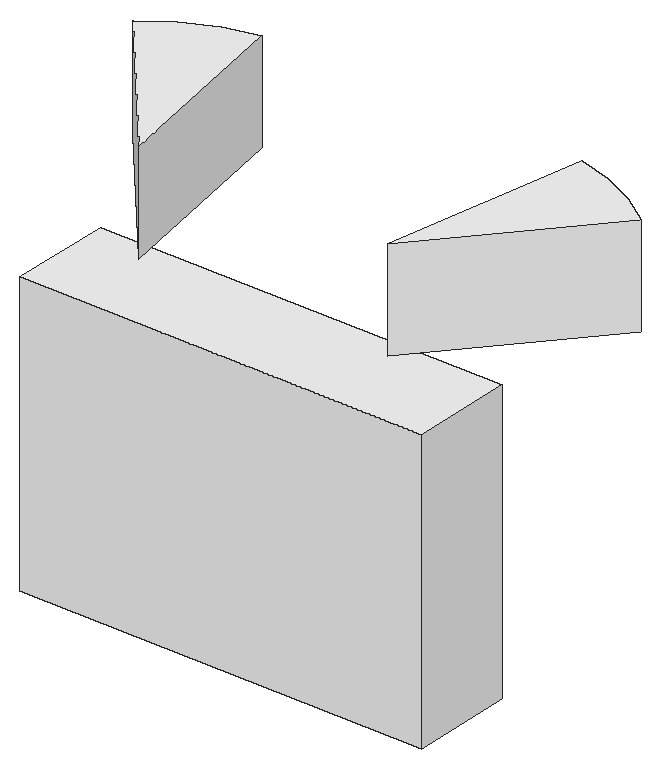
Revit family "PKNail Emergency Wall Light", category Lighting Fixtures, host Wall, Revit 2017
Family settings
  Host = Wall
  Round Connector Dimension = Use Diameter
  Part Type = Normal
  OmniClass Number = 23.80.70.11.21
  OmniClass Title = Emergency Lighting
  Always vertical = Yes
  Cut with Voids When Loaded = No
  Light Source = No
  Shared = No
  Room Calculation Point = No
Parameters (values of type "Emergency Wall Light")
  PKNail Family Measure Location Centered = yes
  PKNail Family Instance Elevation [instance] = 2045.00 mm
  built-in parameter 1150142 = (empty or 0)
  Lamp = "A-19"
  Ballast Voltage = 120 V
  Ballast Number of Poles = 1
  Assembly Code = "D5090200"
  Light Casing = none
  Mounting Height = 2133.60 mm
  Wattage Comments = "100"
  Apparent Load = 100 VA
Reference planes
  plane 1: y = 0
  plane 2 "Light Source Axis": x = 0
  plane 3 "Light Source Elevation": z = 2133.6
  plane 4 "Light Source Axis": y = 168.564
  plane 5: y = 105.064
  plane 6: y = 138.401
  plane 7: z = 2266.95
  plane 8: x = -132.627
  plane 9: x = 132.627
  plane 10: y = 256.67
  plane 11: z = 88.6
Forms (mm)
  Extrusion 1, solid, material "Painted Metal - White"
    sketch origin (-2119.016, 105.064, 0) x (-1, 0, 0) y (0, 0, 1)
      loop
        line (-2246.016, 2044.7) -> (-1992.016, 2044.7) -> (-1992.016, 2222.5) -> (-2246.016, 2222.5) -> (-2246.016, 2044.7)
    from 0 to 63.5
  Extrusion 2, solid, material "Painted Metal - White"
    sketch origin (-127, 168.564, 2222.5) x (0, -1, 0) y (1, 0, 0)
      loop
        line (-67.276, -33.589) -> (30.011, 48.045) -> (-95.059, 25.992)
        arc (-95.059, 25.992) -> (-85.09, -5.627) -> (-67.276, -33.589) r 127
      loop
        line (-95.059, 228.008) -> (30.011, 205.955) -> (-67.276, 287.589)
        arc (-67.276, 287.589) -> (-85.09, 259.627) -> (-95.059, 228.008) r 127
    from 12.7 to 76.2
Lines and regions (mm)
  model lines, style "InvisibleLines"
    curve 1: line (0, 105.064, 88.6) -> (0, 105.064, 2044.7)
Text (mm)
  text "Front" at (0, 1019.848, 3124.603), in view "Right"
  text "Front" at (0, 893.312, 2794.176), in view "Left"
Dimensions and locks
  host wall to plane 4 "Light Source Axis" = 63.50 mm
  locked: Extrusion 1 to Extrusion 2 sketch curve at 33.489  (x2)
  plane 6 to host wall = 33.337 mm
  locked: plane 7 to plane 3 "Light Source Elevation" at 133.35
  equal spacing: plane 8, plane 2 "Light Source Axis", plane 9, locked at 132.627 each
  plane 10 to plane 5 = 151.606 mm
  "PKNail Family Instance Elevation": plane 11 to plane 3 "Light Source Elevation"
  curve 1 to Extrusion 1 = 127.00 mm
  aligned and locked: plane 5 to host wall
  aligned and locked: Extrusion 1 to curve 1
Automatic sketch dimensions
  plane 2 "Light Source Axis" to Extrusion 1 sketch curve = 127.00 mm
  Extrusion 1 sketch curve to plane 2 "Light Source Axis" = 127.00 mm
  plane 3 "Light Source Elevation" to Extrusion 1 sketch curve = 88.90 mm
  Extrusion 1 sketch curve to plane 3 "Light Source Elevation" = 88.90 mm
  Extrusion 2 sketch curve to plane 4 "Light Source Axis" = 95.059 mm  (x2)
  Extrusion 2 sketch curve to Extrusion 2 sketch curve = 27.783 mm  (x2)
  Extrusion 2 sketch curve to Extrusion 2 sketch curve = 0.00 mm  (x4)
  Extrusion 2 sketch curve to plane 2 "Light Source Axis" = 160.589 mm
  Extrusion 2 sketch curve to Extrusion 2 sketch curve = 59.581 mm
  plane 2 "Light Source Axis" to Extrusion 2 sketch curve = 78.955 mm
  plane 2 "Light Source Axis" to Extrusion 2 sketch curve = 101.008 mm
  curve 1 to plane 11 = 0.00 mm
